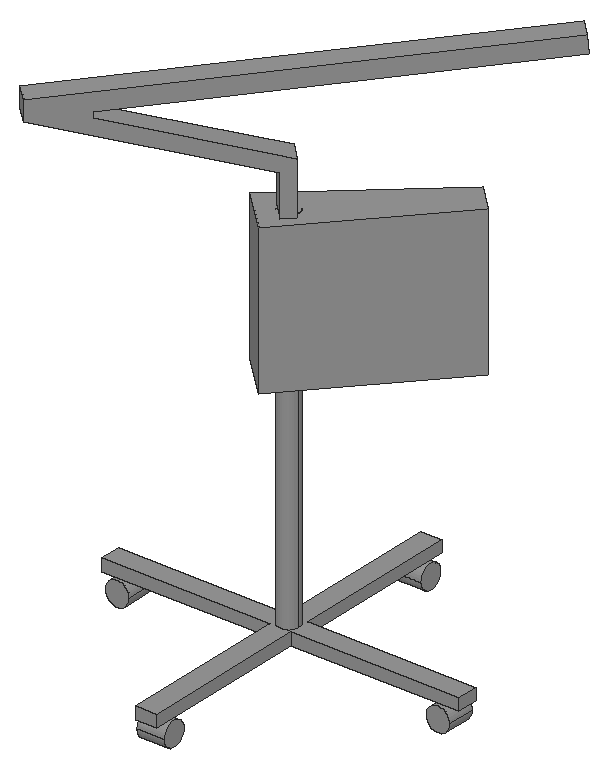
Revit family "AVLN_Кальпоскоп", category Мебель, Revit 2019
Family settings
  Номер OmniClass = 23.40.20.00
  Заголовок OmniClass = General Furniture and Specialties
  На основе рабочей плоскости = Нет
  Всегда вертикально = Да
  При загрузке вырезать с полостями = Нет
  Общий = Нет
  Точка расчета площади = Нет
Parameters (values of type "Кальпоскоп")
  Описание = "Кальпоскоп"
  О1 = 35 mm  # constant formula
  М.основы = Металл, окрашенный, белый, матовый
  Type Comments = ""
  Keynote = ""
  Manufacturer = ""
  Группа модели = "Оборудование поликлиники"
  ADSK_Размер_Ширина = 600 mm
  ADSK_Размер_Длина = ADSK_Размер_Ширина  # 600 mm
  ADSK_Размер_Высота = 1065 mm
  ADSK_Примечание [instance] = ""
  ADSK_Обозначение = ""
  ADSK_Наименование = "Кальпоскоп"
  ADSK_Масса = 20
  ADSK_Марка = ""
  ADSK_Код изделия = ""
  ADSK_Единица измерения = "шт"  # constant formula
Reference planes
  plane 1 "По центру (Вперед/Назад)": y = 0
  plane 2: z = 0
  plane 3 "По центру (Влево/Вправо)": x = 0
  plane 4: z = 1065
  plane 5: y = 300
  plane 6: x = 300
  plane 7: x = -300
  plane 8: y = -300
  plane 9: y = -270
  plane 10: z = 60
Forms (mm)
  Extrusion 1, solid, material "Металл, окрашенный, белый, матовый" <- "М.основы"
    sketch origin (0, -518.993, 611.226) x (-1, 0, 0) y (0, -1, 0)
      loop
        line (17.5, -818.993) -> (17.5, -536.493) -> (300, -536.493) -> (300, -501.493) -> (17.5, -501.493) -> (17.5, -218.993) -> (-17.5, -218.993) -> (-17.5, -501.493) -> (-300, -501.493) -> (-300, -536.493) -> (-17.5, -536.493) -> (-17.5, -818.993) -> (17.5, -818.993)
    from -571.226 to -551.226
  Extrusion 2, solid, material "Металл, окрашенный, белый, матовый" <- "М.основы"
    sketch origin (0, -518.993, 592.976) x (-1, 0, 0) y (0, -1, 0)
      loop
        circle (0, -518.993) r 17.5
    from -532.976 to 92.024
  Extrusion 3, solid, material "Металл, окрашенный, белый, матовый" <- "М.основы"
    sketch origin (101.015, 0, 0) x (1, 0, 0) y (0, 0, 1)
      loop
        circle (168.985, 19.522) r 20
    from -22.984 to 22.984
  Extrusion 4, solid, material "Металл, окрашенный, белый, матовый" <- "М.основы"
    sketch origin (-438.985, 0, 0) x (1, 0, 0) y (0, 0, 1)
      loop
        circle (168.985, 19.522) r 20
    from -22.984 to 22.984
  Extrusion 5, solid, material "Металл, окрашенный, белый, матовый" <- "М.основы"
    sketch origin (0, -101.015, 0) x (0, -1, 0) y (0, 0, 1)
      loop
        circle (168.985, 19.522) r 20
    from -22.984 to 22.984
  Extrusion 6, solid, material "Металл, окрашенный, белый, матовый" <- "М.основы"
    sketch origin (0, 438.985, 0) x (0, -1, 0) y (0, 0, 1)
      loop
        circle (168.985, 19.522) r 20
    from -22.984 to 22.984
  Extrusion 7, solid, material "Металл, окрашенный, белый, матовый" <- "М.основы"
    sketch origin (0, -518.993, 558.9) x (-1, 0, 0) y (0, -1, 0)
      loop
        line (-1.47, -453.107) -> (-205.061, -681.628) -> (-162.635, -724.054) -> (65.886, -520.463) -> (-1.47, -453.107)
    from 126.1 to -123.9
  Extrusion 8, solid, material "Металл, окрашенный, белый, матовый" <- "М.основы"
    sketch origin (-14.219, -9.073, 0) x (0.707107, 0.707107, 0) y (0, 0, 1)
      loop
        line (1.47, 684.922) -> (23.877, 684.922) -> (23.877, 774.922) -> (-245.276, 852.101) -> (-245.276, 862.101) -> (409.853, 907.912) -> (407.76, 937.839) -> (-337.386, 885.733) -> (-337.386, 852.166) -> (1.47, 755) -> (1.47, 684.922)
    from -8.199 to 30
Lines and regions (mm)
  model lines
    curve 1: line (142.298, 175.442, 592.976) -> (300, 175.442, 592.976)
    curve 2: line (142.298, 119.16, 592.976) -> (142.298, 175.442, 592.976)
    curve 3: line (300, 119.16, 592.976) -> (142.298, 119.16, 592.976)
    curve 4: line (300, 175.442, 592.976) -> (300, 119.16, 592.976)
Dimensions and locks
  plane 2 to plane 4 = 1065 mm
  equal spacing: plane 8, plane 1 "По центру (Вперед/Назад)", plane 5
  equal spacing: plane 7, plane 3 "По центру (Влево/Вправо)", plane 6
  "ADSK_Размер_Длина": plane 7 to plane 6
  "ADSK_Размер_Ширина": plane 5 to plane 8
  "ADSK_Размер_Высота": plane 2 to plane 4
  locked: plane 9 to plane 8 at 30
  equal spacing: Extrusion 1 sketch curve, plane 1 "По центру (Вперед/Назад)", Extrusion 1 sketch curve  (x2)
  equal spacing: Extrusion 1 sketch curve, plane 3 "По центру (Влево/Вправо)", Extrusion 1 sketch curve  (x2)
  "О1": Extrusion 1 sketch curve to Extrusion 1 sketch curve  (x4)
  locked: plane 2 to plane 10 at 60
  locked: Extrusion 1 to plane 10 at 20
  equal spacing: Extrusion 3, plane 1 "По центру (Вперед/Назад)", Extrusion 3
  locked: Extrusion 3 to plane 6 at 10
  equal spacing: Extrusion 4, plane 1 "По центру (Вперед/Назад)", Extrusion 4
  locked: plane 7 to Extrusion 4 at 10
  equal spacing: Extrusion 5, plane 3 "По центру (Влево/Вправо)", Extrusion 5
  equal spacing: Extrusion 6, plane 3 "По центру (Влево/Вправо)", Extrusion 6
  locked: plane 5 to Extrusion 6 at 10
  locked: Extrusion 5 to plane 8 at 10
  locked: Extrusion 7 to Extrusion 7 at 250
  locked: Extrusion 2 to plane 4 at 380
  "О1": diameter of Extrusion 2 sketch curve
  aligned and locked: level to plane 2
  aligned and locked: Extrusion 1 sketch curve to plane 5
  aligned and locked: plane 8 to Extrusion 1 sketch curve
  aligned and locked: plane 7 to Extrusion 1 sketch curve
  aligned and locked: Extrusion 1 sketch curve to plane 6
  aligned and locked: Extrusion 1 to plane 10
  aligned and locked: plane 3 "По центру (Влево/Вправо)" to Extrusion 2 sketch curve
  aligned and locked: plane 1 "По центру (Вперед/Назад)" to Extrusion 2 sketch curve
  aligned and locked: Extrusion 2 to plane 10
  aligned and locked: Extrusion 7 to Extrusion 2
Automatic sketch dimensions
  Extrusion 3 sketch curve to plane 6 = 30 mm
  level to Extrusion 3 sketch curve = 19.522 mm
  plane 7 to Extrusion 4 sketch curve = 30 mm
  level to Extrusion 4 sketch curve = 19.522 mm
  plane 9 to Extrusion 5 sketch curve = 0 mm
  level to Extrusion 5 sketch curve = 19.522 mm
  level to Extrusion 6 sketch curve = 19.522 mm
  Extrusion 6 sketch curve to plane 5 = 30 mm
  Extrusion 7 sketch curve to plane 6 = 137.365 mm
  Extrusion 7 sketch curve to plane 3 "По центру (Влево/Вправо)" = 65.886 mm
  Extrusion 7 sketch curve to plane 5 = 94.939 mm
  Extrusion 7 sketch curve to plane 1 "По центру (Вперед/Назад)" = 1.47 mm
  Extrusion 7 sketch curve to Extrusion 7 sketch curve = 42.426 mm  (x2)
  plane 3 "По центру (Влево/Вправо)" to Extrusion 7 sketch curve = 1.47 mm
  plane 1 "По центру (Вперед/Назад)" to Extrusion 7 sketch curve = 65.886 mm
  curve 1 to plane 6 = 0 mm
  plane 3 "По центру (Влево/Вправо)" to curve 3 = 142.298 mm
  curve 1 to plane 5 = 124.558 mm
  curve 1 to curve 3 = 56.281 mm
  plane 4 to Extrusion 8 sketch curve = 179.267 mm
  Extrusion 8 sketch curve to Extrusion 8 sketch curve = 92.11 mm
  Extrusion 8 sketch curve to Extrusion 8 sketch curve = 246.746 mm
  Extrusion 8 sketch curve to Extrusion 8 sketch curve = 22.407 mm
  plane 4 to Extrusion 8 sketch curve = 127.161 mm
  Extrusion 8 sketch curve to Extrusion 8 sketch curve = 383.883 mm
  plane 4 to Extrusion 8 sketch curve = 157.088 mm
  Extrusion 8 sketch curve to Extrusion 8 sketch curve = 10 mm
  Extrusion 8 sketch curve to Extrusion 8 sketch curve = 0.065 mm
  Extrusion 8 sketch curve to Extrusion 8 sketch curve = 132.99 mm
  Extrusion 8 sketch curve to Extrusion 8 sketch curve = 19.922 mm
  Extrusion 8 sketch curve to Extrusion 8 sketch curve = 70.078 mm
  radius of Extrusion 3 sketch curve = 20 mm
  radius of Extrusion 4 sketch curve = 20 mm
  radius of Extrusion 5 sketch curve = 20 mm
  radius of Extrusion 6 sketch curve = 20 mm
